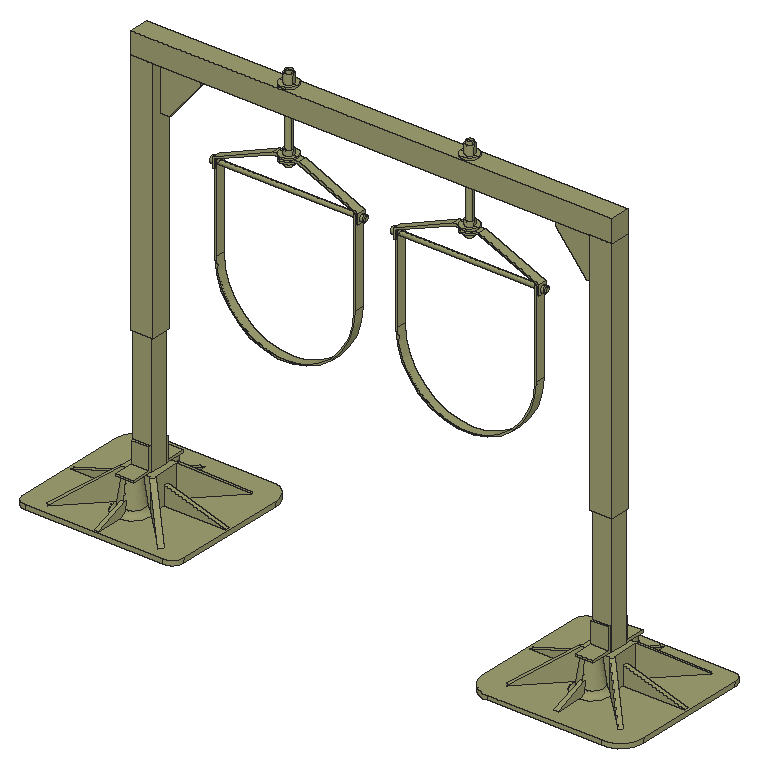
Revit family "Roof_PipeHangers_PSE2-2", category Generic Models, Revit 2013
Parameters
  offset [instance] = 0 mm
  Warranty Duration (Years) = 0
  Unit Width [instance] = 1000 mm
  Unit Height = 76.2 mm
  Unit Depth = 450 mm
  URL = ""
  Support Material = Support
  Revision = ""
  Model = ""
  Manufacturer = ""
  Maintenance Schedule (Months) = 0
  Keynote = ""
  Installation Phase = ""
  Hanger Width_Right [instance] = 300 mm
  Hanger Width_Left [instance] = 300 mm
  Expected Lifespan (Years) = 0
  Drawn By = ""
  Description = ""
  Default Elevation = 1200 mm
  Copyright = ""
  Base Type [instance] = Base_PS_Square : 12"
  Assembly Code = ""
  Adjustment Height [instance] = 800 mm
Reference planes
  plane 1 "Center (Front/Back)": y = 0
  plane 2 "Bottom": z = 0
  plane 3 "Center (Left/Right)": x = 0
  plane 4 "Front": y = -225
  plane 5 "Back": y = 225
  plane 6 "Left": x = -500
  plane 7 "Right": x = 500
  plane 8 "Top": z = 76.2
  plane 9: z = 31.707
  plane 10: z = 9.512
  plane 11: z = 876.2
Dimensions and locks
  equal spacing: plane 5 "Back", plane 1 "Center (Front/Back)", plane 4 "Front"
  "Unit Depth": plane 5 "Back" to plane 4 "Front"
  equal spacing: plane 6 "Left", plane 3 "Center (Left/Right)", plane 7 "Right"
  "Unit Width": plane 6 "Left" to plane 7 "Right"
  "Unit Height": plane 8 "Top" to level
  "Adjustment Height": plane 11 to plane 8 "Top"
  nested 4 to plane 3 "Center (Left/Right)" to nested 5 = 196.85 mm locked, 196.85 mm locked
  aligned and locked: plane 3 "Center (Left/Right)" to nested 3
  aligned and locked: plane 1 "Center (Front/Back)" to nested 3
  aligned and locked: plane 1 "Center (Front/Back)" to nested 4
  aligned and locked: nested 2 to plane 7 "Right"
  aligned and locked: plane 1 "Center (Front/Back)" to nested 2
  aligned and locked: nested 1 to plane 1 "Center (Front/Back)"
  aligned and locked: plane 6 "Left" to nested 1
Nested families
  nested 1: "Base_PS_Square" at (-500, 0, 0) x (0, 1, 0) z (0, 0, 1), type <- "Base Type", Material <- "Support Material", type "12""
    with Material Support
  nested 2: "Base_PS_Square" at (500, 0, 0) x (0, -1, 0) z (0, 0, 1), type <- "Base Type", Material <- "Support Material", type "12""
    with Material Support
  nested 3: "Support_PSE" at (0, 0, 76.2), Unit Width <- "Unit Width", Adjustment Height <- "Adjustment Height", Material <- "Support Material", type "Support_PSE"
    with offset 0 mm, Unit Width 1000 mm, Material Support, Holes_Horizontal 21, Adjustment Height 800 mm, AAH 800 mm
  nested 4: "Support_ClevisHanger" at (-196.85, 0, 876.2), Unit Width <- "Hanger Width_Left", Material <- "Support Material", type "Support_ClevisHanger"
    with offset 0 mm, ht 180 mm, Unit Width 300 mm, Material Support
  nested 5: "Support_ClevisHanger" at (196.85, 0, 876.2) x (-1, 0, 0) z (0, 0, 1), Unit Width <- "Hanger Width_Right", Material <- "Support Material", type "Support_ClevisHanger"
    with offset 0 mm, ht 180 mm, Unit Width 300 mm, Material Support
Definition of nested family "Base_PS_Square"
  Parameters (values of type "18"")
    offset [instance] = 0 mm
    Warranty Duration (Years) = 0
    Unit Width = 457.2 mm
    Unit Height = 76.2 mm
    Unit Depth = 457.2 mm
    URL = ""
    Revision = ""
    Model = ""
    Material [instance] = Support
    Manufacturer = ""
    Maintenance Schedule (Months) = 0
    Keynote = ""
    Installation Phase = ""
    Expected Lifespan (Years) = 0
    Drawn By = ""
    Description = ""
    Default Elevation = 1219.2 mm
    Copyright = ""
    Assembly Code = ""
  Types (2, lengths in mm): name | Unit Width | Unit Depth | Default Elevation
    18" | 457.2 | 457.2 | 1219.2
    12" | 300 | 350 | 0
  Reference planes
    plane 1 "Center (Front/Back)": y = 0
    plane 2 "Bottom": z = 0
    plane 3 "Center (Left/Right)": x = 0
    plane 4 "Front": y = -228.6
    plane 5 "Back": y = 228.6
    plane 6 "Left": x = -228.6
    plane 7 "Right": x = 228.6
    plane 8 "Top": z = 76.2
    plane 9: z = 31.707
    plane 10: z = 9.512
    plane 11 "Diag_TopRight": through (25.5, 25.5, 1219.2) normal (-0.7071, 0.7071, 0)
    plane 12 "Diag_TopLeft": through (-25.5, 25.5, 1219.2) normal (-0.7071, -0.7071, 0)
    plane 13: x = -47.494
    plane 14: x = 47.494
  Forms (mm)
    Extrusion 1, solid, material "Support" <- "Material"
      sketch origin (0, 0, 0) x (1, 0, 0) y (0, 1, 0)
        loop
          arc (-203.2, 228.6) -> (-221.161, 221.161) -> (-228.6, 203.2) r 25.4
          line (-228.6, 203.2) -> (-228.6, -203.2)
          arc (-228.6, -203.2) -> (-221.161, -221.161) -> (-203.2, -228.6) r 25.4
          line (-203.2, -228.6) -> (203.2, -228.6)
          arc (203.2, -228.6) -> (221.161, -221.161) -> (228.6, -203.2) r 25.4
          line (228.6, -203.2) -> (228.6, 203.2)
          arc (228.6, 203.2) -> (221.161, 221.161) -> (203.2, 228.6) r 25.4
          line (203.2, 228.6) -> (-203.2, 228.6)
      from 0 to 9.512
    Extrusion 2, solid, material "Support" <- "Material"
      sketch origin (141.287, -4572, 9.512) x (0, -1, 0) y (-1, 0, 0)
        loop
          line (-4537.344, 176.158) -> (-4606.656, 176.158) -> (-4606.656, 106.416) -> (-4537.344, 106.416) -> (-4537.344, 176.158)
      from 0 to -66.688
    Extrusion 3, solid, material "Support" <- "Material"
      sketch origin (0, 0, 0) x (0, 1, 0) y (0, 0, 1)
        loop
          line (222.25, 9.512) -> (34.656, 50.586) -> (34.656, 9.512) -> (222.25, 9.512)
      from -4.763 to 4.763
    Extrusion 4, solid, material "Support" <- "Material"
      sketch origin (0, 0, 0) x (0, 1, 0) y (0, 0, 1)
        loop
          line (-222.25, 9.512) -> (-34.656, 9.512) -> (-34.656, 50.586) -> (-222.25, 9.512)
      from -4.763 to 4.763
    Extrusion 5, solid, material "Support" <- "Material"
      sketch origin (0, 0, 0) x (0.707107, -0.707107, 0) y (0, 0, 1)
        loop
          line (-36.463, 9.512) -> (-36.463, 76.2) -> (-49.163, 76.2) -> (-174.585, 9.512) -> (-36.463, 9.512)
      from -4.763 to 4.763
    Extrusion 6, solid, material "Support" <- "Material"
      sketch origin (25.5, 25.5, 1219.2) x (-0.707107, -0.707107, 0) y (0, 0, -1)
        loop
          line (72.525, 1209.688) -> (72.525, 1143) -> (85.225, 1143) -> (210.647, 1209.688) -> (72.525, 1209.688)
      from -4.763 to 4.763
    Extrusion 7, solid, material "Support" <- "Material"
      sketch origin (25.5, 25.5, 1219.2) x (-0.707107, -0.707107, 0) y (0, 0, -1)
        loop
          line (-0.401, 1209.688) -> (-138.523, 1209.688) -> (-13.101, 1143) -> (-0.401, 1143) -> (-0.401, 1209.688)
      from -4.763 to 4.763
    Extrusion 8, solid, material "Support" <- "Material"
      sketch origin (-16.519, 16.519, 1219.2) x (0.707107, -0.707107, 0) y (0, 0, 1)
        loop
          line (59.825, -1209.688) -> (197.947, -1209.688) -> (72.525, -1143) -> (59.825, -1143) -> (59.825, -1209.688)
      from -4.763 to 4.763
    Extrusion 9, solid, material "Support" <- "Material"
      sketch origin (0, 0, 0) x (-1, 0, 0) y (0, 0, 1)
        loop
          line (222.25, 9.512) -> (34.656, 50.586) -> (34.656, 9.512) -> (222.25, 9.512)
      from -4.763 to 4.763
    Extrusion 10, solid, material "Support" <- "Material"
      sketch origin (0, 0, 0) x (-1, 0, 0) y (0, 0, 1)
        loop
          line (-222.25, 9.512) -> (-34.656, 9.512) -> (-34.656, 50.586) -> (-222.25, 9.512)
      from -4.763 to 4.763
    Revolve 11, solid, material "Support" <- "Material"
      sketch origin (27.133, -0.284, -2.024) x (1, 0, 0) y (0, 0, 1)
        loop
          line (-92.574, 78.224) -> (-100.847, 23.161)
          arc (-100.847, 23.161) -> (-105.441, 14.843) -> (-114.349, 11.536) r 13.653
          line (-114.349, 11.536) -> (-74.627, 11.536) -> (-74.627, 78.224) -> (-92.574, 78.224)
        axis (-74.627, 11.536) -> (-74.627, 78.224)
      angle from 0 to 360
    Revolve 12, solid, material "Support" <- "Material"
      sketch origin (-27.133, -0.284, -2.024) x (-1, 0, 0) y (0, 0, -1)
        loop
          line (-92.574, -78.224) -> (-74.627, -78.224) -> (-74.627, -11.536) -> (-114.349, -11.536)
          arc (-114.349, -11.536) -> (-105.441, -14.843) -> (-100.847, -23.161) r 13.653
          line (-100.847, -23.161) -> (-92.574, -78.224)
        axis (-74.627, -11.536) -> (-74.627, -78.224)
      angle from 0 to 360
  Cuts and joins
    joined: Extrusion 1, Extrusion 2, Extrusion 3, Extrusion 4, Extrusion 5, Extrusion 6, Extrusion 7, Extrusion 8
    joined: Extrusion 9, Revolve 11
    joined: Extrusion 10, Revolve 12
  Dimensions and locks
    equal spacing: plane 5 "Back", plane 1 "Center (Front/Back)", plane 4 "Front"
    "Unit Depth": plane 5 "Back" to plane 4 "Front"
    equal spacing: plane 6 "Left", plane 3 "Center (Left/Right)", plane 7 "Right"
    "Unit Width": plane 6 "Left" to plane 7 "Right"
    "Unit Height": plane 8 "Top" to level
    aligned and locked: Extrusion 1 to plane 10
    aligned and locked: plane 8 "Top" to Extrusion 2
  Automatic sketch dimensions
    Extrusion 1 sketch curve to plane 6 "Left" = 0 mm
    Extrusion 1 sketch curve to plane 4 "Front" = 0 mm
    Extrusion 1 sketch curve to plane 5 "Back" = 0 mm
    Extrusion 1 sketch curve to plane 11 "Diag_TopRight" = 0 mm
    plane 6 "Left" to Extrusion 1 sketch curve = 25.4 mm  (x2)
    Extrusion 1 sketch curve to plane 7 "Right" = 25.4 mm  (x2)
    Extrusion 2 sketch curve to plane 1 "Center (Front/Back)" = 34.656 mm
    plane 1 "Center (Front/Back)" to Extrusion 2 sketch curve = 34.656 mm
    Extrusion 2 sketch curve to plane 3 "Center (Left/Right)" = 34.871 mm
    plane 3 "Center (Left/Right)" to Extrusion 2 sketch curve = 34.871 mm
    Extrusion 3 sketch curve to plane 10 = 0 mm
    Extrusion 3 sketch curve to plane 1 "Center (Front/Back)" = 34.656 mm
    Extrusion 3 sketch curve to plane 5 "Back" = 6.35 mm
    Extrusion 3 sketch curve to plane 9 = 18.879 mm
    Extrusion 4 sketch curve to plane 10 = 0 mm
    plane 4 "Front" to Extrusion 4 sketch curve = 6.35 mm
    plane 1 "Center (Front/Back)" to Extrusion 4 sketch curve = 34.656 mm
    Extrusion 4 sketch curve to plane 9 = 18.879 mm
    Extrusion 5 sketch curve to plane 10 = 0 mm
    Extrusion 5 sketch curve to plane 8 "Top" = 0 mm
    Extrusion 5 sketch curve to plane 11 "Diag_TopRight" = 174.585 mm
    Extrusion 5 sketch curve to plane 11 "Diag_TopRight" = 49.163 mm
    Extrusion 5 sketch curve to plane 11 "Diag_TopRight" = 36.463 mm
    Extrusion 6 sketch curve to plane 10 = 0 mm
    Extrusion 6 sketch curve to plane 8 "Top" = 0 mm
    Extrusion 6 sketch curve to plane 12 "Diag_TopLeft" = 36.463 mm
    Extrusion 6 sketch curve to Extrusion 6 sketch curve = 12.7 mm
    Extrusion 6 sketch curve to Extrusion 6 sketch curve = 138.122 mm
    Extrusion 7 sketch curve to plane 10 = 0 mm
    Extrusion 7 sketch curve to plane 8 "Top" = 0 mm
    plane 12 "Diag_TopLeft" to Extrusion 7 sketch curve = 174.585 mm
    plane 12 "Diag_TopLeft" to Extrusion 7 sketch curve = 49.163 mm
    plane 12 "Diag_TopLeft" to Extrusion 7 sketch curve = 36.463 mm
    Extrusion 8 sketch curve to plane 10 = 0 mm
    Extrusion 8 sketch curve to plane 8 "Top" = 0 mm
    plane 11 "Diag_TopRight" to Extrusion 8 sketch curve = 36.463 mm
    Extrusion 8 sketch curve to Extrusion 8 sketch curve = 12.7 mm
    Extrusion 8 sketch curve to Extrusion 8 sketch curve = 138.122 mm
    Extrusion 9 sketch curve to plane 10 = 0 mm
    Extrusion 9 sketch curve to plane 3 "Center (Left/Right)" = 34.656 mm
    plane 6 "Left" to Extrusion 9 sketch curve = 6.35 mm
    Extrusion 9 sketch curve to plane 9 = 18.879 mm
    Extrusion 10 sketch curve to plane 10 = 0 mm
    Extrusion 10 sketch curve to plane 7 "Right" = 6.35 mm
    plane 3 "Center (Left/Right)" to Extrusion 10 sketch curve = 34.656 mm
    Extrusion 10 sketch curve to plane 9 = 18.879 mm
    Revolve 12 sketch curve to plane 10 = 0 mm  (x2)
    Revolve 12 sketch curve to plane 8 "Top" = 0 mm
    Revolve 12 sketch curve to plane 14 = 0 mm  (x2)
    plane 14 to Revolve 12 sketch curve = 17.947 mm
    plane 9 to Revolve 12 sketch curve = 10.571 mm
    plane 14 to Revolve 12 sketch curve = 26.22 mm
    plane 9 to Revolve 12 sketch curve = 8.542 mm
    Revolve 12 sketch curve to Revolve 12 sketch curve = 0 mm
    Revolve 12 sketch curve to plane 8 "Top" = 3.938 mm
    Revolve 12 sketch curve to level = 7.791 mm
    Revolve 11 sketch curve to plane 10 = 0 mm  (x2)
    Revolve 11 sketch curve to plane 8 "Top" = 0 mm
    Revolve 11 sketch curve to plane 13 = 0 mm  (x2)
    Revolve 11 sketch curve to plane 13 = 17.947 mm
    plane 9 to Revolve 11 sketch curve = 10.571 mm
    Revolve 11 sketch curve to plane 13 = 26.22 mm
    plane 9 to Revolve 11 sketch curve = 8.542 mm
    Revolve 11 sketch curve to Revolve 11 sketch curve = 0 mm
    Revolve 11 sketch curve to level = 7.791 mm
    Revolve 11 sketch curve to plane 8 "Top" = 3.938 mm
Definition of nested family "Support_PSE"
  Parameters (values of type "Support_PSE")
    offset [instance] = 0 mm
    Unit Width [instance] = 1000 mm
    Unit Height = 125 mm
    Unit Depth = 400 mm
    URL = ""
    Revision = ""
    Model = ""
    Max Pipe Size = 0 mm
    Material [instance] = Support
    Manufacturer = ""
    Keynote = ""
    Holes_Horizontal [instance] = Unit Width / 47.625 mm  # 21
    Drawn By = ""
    Description = ""
    Default Elevation = 1200 mm
    Copyright = ""
    Assembly Code = ""
    Adjustment Height [instance] = 800 mm
    AAH [instance] = if(Adjustment Height > 590.55 mm, Adjustment Height, 590.55 mm)  # 800 mm
  Reference planes
    plane 1 "Center (Front/Back)": y = 0
    plane 2 "Bottom": z = 0
    plane 3 "Center (Left/Right)": x = 0
    plane 4 "Top": z = 823.813
    plane 5 "Adj Base": z = 800
    plane 6: x = -500
    plane 7: x = 500
    plane 8: z = 263.222
    plane 9: x = -386.581
    plane 10: x = 386.581
    plane 11: z = 51.015
    plane 12 "Front": y = -22.225
    plane 13 "Back": y = 22.225
    plane 14 "lt": x = -523.766
    plane 15 "Rt": x = 523.766
  Forms (mm)
    Extrusion 1, solid, material "Support" <- "Material"
      sketch origin (0, 0, 0) x (1, 0, 0) y (0, 1, 0)
        loop
          line (-520.591, 19.05) -> (-520.591, -19.05) -> (-479.316, -19.05) -> (-479.316, 19.05) -> (-520.591, 19.05)
      from 0 to 263.222
    Extrusion 2, solid, material "Support" <- "Material"
      sketch origin (0, 0, 0) x (-1, 0, 0) y (0, -1, 0)
        loop
          line (-520.591, -19.05) -> (-479.316, -19.05) -> (-479.316, 19.05) -> (-520.591, 19.05) -> (-520.591, -19.05)
      from 0 to 263.222
    Extrusion 3, solid, material "Support" <- "Material"
      sketch origin (-212.826, -4572, 263.222) x (-1, 0, 0) y (0, -1, 0)
        loop
          line (310.94, -4594.225) -> (310.94, -4549.775) -> (263.315, -4549.775) -> (263.315, -4594.225) -> (310.94, -4594.225)
      from 0 to 536.778
    Extrusion 4, solid, material "Support" <- "Material"
      sketch origin (212.826, -4572, 263.222) x (1, 0, 0) y (0, 1, 0)
        loop
          line (310.94, 4594.225) -> (263.315, 4594.225) -> (263.315, 4549.775) -> (310.94, 4549.775) -> (310.94, 4594.225)
      from 0 to 536.778
    Extrusion 5, solid, material "Support" <- "Material"
      sketch origin (-93.116, -4572, 800) x (-1, 0, 0) y (0, -1, 0)
        loop
          line (430.65, -4594.225) -> (430.65, -4549.775) -> (-616.882, -4549.775) -> (-616.882, -4594.225) -> (430.65, -4594.225)
      from 0 to 47.625
    Extrusion 6, solid, material "Support" <- "Material", detail levels medium+fine
      sketch origin (0, 0, 0) x (1, 0, 0) y (0, 0, 1)
        loop
          line (-386.581, 799.946) -> (-476.141, 799.946) -> (-476.141, 695.333) -> (-453.31, 695.333) -> (-386.581, 777.99) -> (-386.581, 799.946)
      from 3.175 to -3.175
    Extrusion 7, solid, material "Support" <- "Material", detail levels medium+fine
      sketch origin (0, 0, 0) x (-1, 0, 0) y (0, 0, -1)
        loop
          line (-386.581, -799.946) -> (-386.581, -777.99) -> (-453.31, -695.333) -> (-476.141, -695.333) -> (-476.141, -799.946) -> (-386.581, -799.946)
      from 3.175 to -3.175
    Extrusion 8, solid, material "Support" <- "Material", detail levels medium+fine
      sketch origin (-500, 415.169, 1219.2) x (0, 1, 0) y (0, 0, 1)
        loop
          line (-435.853, -1168.185) -> (-440.588, -1168.185) -> (-440.588, -1214.521) -> (-482.348, -1214.521) -> (-482.348, -1219.2) -> (-435.853, -1219.2) -> (-435.853, -1168.185)
        loop
          line (-394.484, -1168.185) -> (-394.484, -1219.2) -> (-347.989, -1219.2) -> (-347.989, -1214.521) -> (-389.749, -1214.521) -> (-389.749, -1168.185) -> (-394.484, -1168.185)
      from -19.05 to 19.05
    Extrusion 9, solid, material "Support" <- "Material", detail levels medium+fine
      sketch origin (500, 415.169, 1219.2) x (0, 1, 0) y (0, 0, 1)
        loop
          line (-394.484, -1168.185) -> (-394.484, -1219.2) -> (-347.989, -1219.2) -> (-347.989, -1214.521) -> (-389.749, -1214.521) -> (-389.749, -1168.185) -> (-394.484, -1168.185)
        loop
          line (-435.853, -1168.185) -> (-440.588, -1168.185) -> (-440.588, -1214.521) -> (-482.348, -1214.521) -> (-482.348, -1219.2) -> (-435.853, -1219.2) -> (-435.853, -1168.185)
      from -19.05 to 19.05
  Dimensions and locks
    "AAH": plane 5 "Adj Base" to level
    locked: plane 4 "Top" to plane 5 "Adj Base" at 23.812
    equal spacing: plane 6, plane 3 "Center (Left/Right)", plane 7
    "Unit Width": plane 6 to plane 7
    locked: plane 5 "Adj Base" to plane 8 at 536.778
    locked: plane 10 to plane 7 at 113.419
    locked: plane 6 to plane 9 at 113.419
    locked: plane 11 to level at 51.015
    locked: plane 7 to plane 15 "Rt" at 23.766
    locked: plane 14 "lt" to plane 6 at 23.766
    aligned and locked: plane 8 to Extrusion 1
    aligned and locked: Extrusion 2 to plane 8
    aligned and locked: plane 5 "Adj Base" to Extrusion 3
    aligned and locked: Extrusion 4 to plane 5 "Adj Base"
    aligned and locked: plane 14 "lt" to nested 1
    aligned and locked: nested 1 to plane 15 "Rt"
    aligned and locked: plane 4 "Top" to nested 1
    aligned and locked: nested 2 to plane 5 "Adj Base"
    aligned and locked: nested 2 to plane 8
    aligned and locked: plane 6 to nested 2
    aligned and locked: plane 5 "Adj Base" to nested 3
    aligned and locked: plane 8 to nested 3
    aligned and locked: plane 7 to nested 3
    aligned and locked: nested 4 to plane 15 "Rt"
    aligned and locked: plane 14 "lt" to nested 4
    aligned and locked: plane 8 to nested 5
    aligned and locked: plane 5 "Adj Base" to nested 5
    aligned and locked: nested 6 to plane 5 "Adj Base"
    aligned and locked: nested 6 to plane 8
    aligned and locked: plane 7 to nested 6
    aligned and locked: plane 6 to nested 5
    aligned and locked: plane 5 "Adj Base" to nested 7
    aligned and locked: plane 5 "Adj Base" to nested 10
    aligned and locked: plane 5 "Adj Base" to nested 9
    aligned and locked: plane 5 "Adj Base" to nested 8
    aligned and locked: plane 8 to nested 7
    aligned and locked: plane 8 to nested 10
    aligned and locked: plane 8 to nested 9
    aligned and locked: plane 8 to nested 8
    aligned and locked: nested 7 to plane 1 "Center (Front/Back)"
    aligned and locked: nested 10 to plane 1 "Center (Front/Back)"
    aligned and locked: nested 9 to plane 1 "Center (Front/Back)"
    aligned and locked: nested 8 to plane 1 "Center (Front/Back)"
  Automatic sketch dimensions
    Extrusion 5 sketch curve to plane 13 "Back" = 0 mm
    Extrusion 5 sketch curve to plane 15 "Rt" = 0 mm
    Extrusion 5 sketch curve to plane 12 "Front" = 0 mm
    Extrusion 5 sketch curve to plane 14 "lt" = 0 mm
    plane 14 "lt" to Extrusion 1 sketch curve = 3.175 mm
    plane 12 "Front" to Extrusion 1 sketch curve = 3.175 mm
    plane 6 to Extrusion 1 sketch curve = 20.684 mm
    plane 13 "Back" to Extrusion 1 sketch curve = 3.175 mm
    plane 15 "Rt" to Extrusion 2 sketch curve = 3.175 mm
    plane 12 "Front" to Extrusion 2 sketch curve = 3.175 mm
    Extrusion 2 sketch curve to plane 7 = 20.684 mm
    plane 13 "Back" to Extrusion 2 sketch curve = 3.175 mm
    Extrusion 3 sketch curve to plane 13 "Back" = 0 mm
    Extrusion 3 sketch curve to plane 12 "Front" = 0 mm
    Extrusion 3 sketch curve to plane 14 "lt" = 0 mm
    plane 6 to Extrusion 3 sketch curve = 23.859 mm
    Extrusion 4 sketch curve to plane 13 "Back" = 0 mm
    Extrusion 4 sketch curve to plane 12 "Front" = 0 mm
    Extrusion 4 sketch curve to plane 15 "Rt" = 0 mm
    Extrusion 4 sketch curve to plane 7 = 23.859 mm
    Extrusion 6 sketch curve to plane 9 = 0 mm
    plane 6 to Extrusion 6 sketch curve = 46.69 mm
    Extrusion 6 sketch curve to plane 5 "Adj Base" = 0.054 mm
    plane 6 to Extrusion 6 sketch curve = 23.859 mm
    Extrusion 6 sketch curve to Extrusion 6 sketch curve = 21.956 mm
    Extrusion 6 sketch curve to plane 5 "Adj Base" = 104.667 mm
    Extrusion 7 sketch curve to plane 10 = 0 mm
    plane 7 to Extrusion 7 sketch curve = 46.69 mm
    plane 5 "Adj Base" to Extrusion 7 sketch curve = 0.054 mm
    plane 7 to Extrusion 7 sketch curve = 23.859 mm
    Extrusion 7 sketch curve to Extrusion 7 sketch curve = 21.956 mm
    Extrusion 7 sketch curve to Extrusion 7 sketch curve = 104.614 mm
    Extrusion 8 sketch curve to level = 0 mm  (x2)
    Extrusion 8 sketch curve to plane 11 = 0 mm  (x2)
    Extrusion 8 sketch curve to plane 12 "Front" = 44.954 mm
    Extrusion 8 sketch curve to plane 12 "Front" = 3.195 mm
    plane 12 "Front" to Extrusion 8 sketch curve = 1.541 mm
    plane 13 "Back" to Extrusion 8 sketch curve = 1.541 mm
    Extrusion 8 sketch curve to plane 13 "Back" = 3.195 mm
    Extrusion 8 sketch curve to Extrusion 8 sketch curve = 41.759 mm
    level to Extrusion 8 sketch curve = 4.679 mm  (x2)
    Extrusion 9 sketch curve to level = 0 mm  (x2)
    Extrusion 9 sketch curve to plane 11 = 0 mm  (x2)
    Extrusion 9 sketch curve to plane 12 "Front" = 44.954 mm
    Extrusion 9 sketch curve to plane 12 "Front" = 3.195 mm
    plane 12 "Front" to Extrusion 9 sketch curve = 1.541 mm
    plane 13 "Back" to Extrusion 9 sketch curve = 1.541 mm
    Extrusion 9 sketch curve to plane 13 "Back" = 3.195 mm
    Extrusion 9 sketch curve to Extrusion 9 sketch curve = 41.759 mm
    Extrusion 9 sketch curve to Extrusion 9 sketch curve = 4.679 mm  (x2)
  Nested families
    nested 1: "Circles" at (-523.766, -22.225, 823.812) x (1, 0, 0) z (0, 1, 0), type "Circles"
      with Number 22, Length 1047.532 mm
    nested 2: "Circles" at (-500, -22.225, 800) x (0, 0, -1) z (0, 1, 0), type "Circles"
      with Number 11, Length 536.778 mm
    nested 3: "Circles" at (500, -22.225, 800) x (0, 0, -1) z (0, 1, 0), type "Circles"
      with Number 11, Length 536.778 mm
    nested 4: "Circles" at (-523.766, 22.225, 811.213) x (1, 0, 0) z (0, 1, 0), type "Circles"
      with Number 22, Length 1047.532 mm
    nested 5: "Circles" at (-500, 22.225, 800) x (0, 0, -1) z (0, 1, 0), type "Circles"
      with Number 11, Length 536.778 mm
    nested 6: "Circles" at (500, 22.225, 800) x (0, 0, -1) z (0, 1, 0), type "Circles"
      with Number 11, Length 536.778 mm
    nested 7: "Circles" at (-523.766, 0, 263.222) x (0, 0, 1) z (1, 0, 0), type "Circles"
      with Number 11, Length 536.778 mm
    nested 8: "Circles" at (523.766, 0, 263.222) x (0, 0, 1) z (1, 0, 0), type "Circles"
      with Number 11, Length 536.778 mm
    nested 9: "Circles" at (476.141, 0, 263.222) x (0, 0, 1) z (1, 0, 0), type "Circles"
      with Number 11, Length 536.778 mm
    nested 10: "Circles" at (-476.141, 0, 263.222) x (0, 0, 1) z (1, 0, 0), type "Circles"
      with Number 11, Length 536.778 mm
  Definition of nested family "Circles"
    Parameters
      Number [instance] = Length / 47.625 mm  # 13
      Length [instance] = 609.6 mm
      Default Elevation = 1219.2 mm
    Reference planes
      plane 1 "Center (Front/Back)": y = 0
      plane 2: z = 0
      plane 3 "Left": x = 0
      plane 4: x = 609.6
      plane 5 "Center (Left/Right)": x = 304.8
    Lines and regions (mm)
      model lines, style "Pipe Supports", detail levels fine
        curve 1: circle (19.05, 0, 0) r 6.35 normal (0, 0, -1)
        curve 2: circle (590.55, 0, 0) r 6.35 normal (0, 0, -1)
        curve 3: circle (66.675, 0, 0) r 6.35 normal (0, 0, -1)
        curve 4: circle (114.3, 0, 0) r 6.35 normal (0, 0, -1)
        curve 5: circle (161.925, 0, 0) r 6.35 normal (0, 0, -1)
        curve 6: circle (209.55, 0, 0) r 6.35 normal (0, 0, -1)
        curve 7: circle (257.175, 0, 0) r 6.35 normal (0, 0, -1)
        curve 8: circle (304.8, 0, 0) r 6.35 normal (0, 0, -1)
        curve 9: circle (352.425, 0, 0) r 6.35 normal (0, 0, -1)
        curve 10: circle (400.05, 0, 0) r 6.35 normal (0, 0, -1)
        curve 11: circle (447.675, 0, 0) r 6.35 normal (0, 0, -1)
        curve 12: circle (495.3, 0, 0) r 6.35 normal (0, 0, -1)
        curve 13: circle (542.925, 0, 0) r 6.35 normal (0, 0, -1)
    Dimensions and locks
      "Length": plane 3 "Left" to plane 4
      equal spacing: group 1, group 3, group 4, group 5, group 6, group 7, group 8, group 9, group 10, group 11, group 12, group 13, group 2  (x3)
      locked: plane 3 "Left" to curve 1 at 12.7
      locked: curve 2 to plane 4 at 12.7
      equal spacing: plane 3 "Left", plane 5 "Center (Left/Right)", plane 4
Definition of nested family "Support_ClevisHanger"
  Parameters (values of type "Support_ClevisHanger")
    offset [instance] = 1200 mm
    ht [instance] = Unit Width * 0.6  # 120 mm
    Warranty Duration (Years) = 0
    Unit Width [instance] = 200 mm
    Unit Height = 127 mm
    Unit Depth = 250 mm
    URL = ""
    Revision = ""
    Model = ""
    Material [instance] = Support
    Manufacturer = ""
    Maintenance Schedule (Months) = 0
    Keynote = ""
    Installation Phase = ""
    Expected Lifespan (Years) = 0
    Drawn By = ""
    Description = ""
    Default Elevation = 0 mm
    Copyright = ""
    Assembly Code = ""
  Reference planes
    plane 1 "Center (Front/Back)": y = 0
    plane 2 "Bottom": z = 0
    plane 3 "Center (Left/Right)": x = 0
    plane 4: z = -156.275
    plane 5: x = -100
    plane 6: x = 100
    plane 7: z = -276.275
  Forms (mm)
    Extrusion 1, solid, material "Support" <- "Material"
      sketch origin (0, 0, 0) x (1, 0, 0) y (0, 0, 1)
        loop
          line (-108.605, -145.542) -> (-108.605, -166.607) -> (-103.87, -166.607) -> (-103.87, -147.907) -> (-26.673, -94.712) -> (26.673, -94.712) -> (103.87, -147.907) -> (103.87, -166.607) -> (108.605, -166.607) -> (108.605, -145.542) -> (28.396, -89.976) -> (-28.396, -89.976) -> (-108.605, -145.542)
      from 9.525 to -9.525
    Extrusion 2, solid, material "Support" <- "Material"
      sketch origin (0, 0, 0) x (1, 0, 0) y (0, 0, 1)
        loop
          line (-100, -149.117) -> (-103.014, -149.117) -> (-103.014, -276.275)
          arc (-103.014, -276.275) -> (0, -379.288) -> (103.014, -276.275) r 103.014
          line (103.014, -276.275) -> (103.014, -149.117) -> (100, -149.117) -> (100, -276.275)
          arc (100, -276.275) -> (0, -376.275) -> (-100, -276.275) r 100
          line (-100, -276.275) -> (-100, -149.117)
      from 9.525 to -9.525
    Revolve 3, solid, material "Support" <- "Material"
      sketch origin (0, 0, -138.624) x (1, 0, 0) y (0, 0, 1)
        loop
          line (6.35, 48.647) -> (19.265, 48.647) -> (19.265, 51.876) -> (9.579, 51.876) -> (9.579, 61.778) -> (6.35, 61.778) -> (6.35, 187.271) -> (19.265, 187.271) -> (19.265, 190.5) -> (9.579, 190.5) -> (9.579, 209.873) -> (6.35, 209.873) -> (6.35, 215.469) -> (0, 215.469) -> (0, 30.781) -> (9.579, 30.781) -> (9.579, 40.683) -> (19.265, 40.683) -> (19.265, 43.912) -> (6.35, 43.912) -> (6.35, 48.647)
        axis (0, 30.781) -> (0, 215.469)
      angle from 0 to 360
    Revolve 4, solid, material "Support" <- "Material"
      sketch origin (0, 0, -138.624) x (1, 0, 0) y (0, 0, 1)
        loop
          line (108.82, -22.413) -> (108.82, -24.795) -> (116.139, -24.795) -> (116.139, -22.413) -> (117.861, -22.413) -> (117.861, -17.651) -> (-117.861, -17.651) -> (-117.861, -22.413) -> (-116.139, -22.413) -> (-116.139, -24.795) -> (-108.82, -24.795) -> (-108.82, -22.413) -> (108.82, -22.413)
        axis (-117.861, -17.651) -> (117.861, -17.651)
      angle from 0 to 360
  Dimensions and locks
    equal spacing: plane 5, plane 3 "Center (Left/Right)", plane 6
    "Unit Width": plane 5 to plane 6
    "ht": plane 4 to plane 7
    aligned and locked: plane 7 to Extrusion 2 sketch curve  (x2)
  Automatic sketch dimensions
    plane 5 to Extrusion 1 sketch curve = 3.87 mm
    plane 6 to Extrusion 1 sketch curve = 3.87 mm
    plane 5 to Extrusion 1 sketch curve = 8.605 mm
    Extrusion 1 sketch curve to plane 3 "Center (Left/Right)" = 28.396 mm
    Extrusion 1 sketch curve to Extrusion 1 sketch curve = 1.722 mm  (x2)
    plane 3 "Center (Left/Right)" to Extrusion 1 sketch curve = 26.673 mm
    plane 6 to Extrusion 1 sketch curve = 8.605 mm
    Extrusion 1 sketch curve to plane 4 = 10.332 mm  (x2)
    plane 4 to Extrusion 1 sketch curve = 8.368 mm  (x2)
    Extrusion 1 sketch curve to Extrusion 1 sketch curve = 2.364 mm  (x2)
    plane 4 to Extrusion 1 sketch curve = 61.563 mm
    Extrusion 1 sketch curve to Extrusion 1 sketch curve = 4.736 mm
    Extrusion 2 sketch curve to Extrusion 2 sketch curve = 0 mm
    Extrusion 2 sketch curve to plane 3 "Center (Left/Right)" = 0 mm
    Extrusion 2 sketch curve to plane 5 = 0 mm
    plane 5 to Extrusion 2 sketch curve = 3.014 mm
    plane 4 to Extrusion 2 sketch curve = 7.157 mm  (x2)
    Revolve 3 sketch curve to plane 3 "Center (Left/Right)" = 0 mm  (x2)
    plane 3 "Center (Left/Right)" to Revolve 3 sketch curve = 6.35 mm  (x3)
    Revolve 3 sketch curve to Revolve 3 sketch curve = 3.229 mm  (x6)
    Revolve 3 sketch curve to Revolve 3 sketch curve = 9.686 mm  (x2)
    Revolve 3 sketch curve to Revolve 3 sketch curve = 0 mm
    plane 4 to Revolve 3 sketch curve = 48.432 mm
    Revolve 3 sketch curve to Revolve 3 sketch curve = 9.902 mm  (x2)
    Revolve 3 sketch curve to Revolve 3 sketch curve = 0.894 mm
    Revolve 3 sketch curve to Revolve 3 sketch curve = 4.736 mm
    Revolve 3 sketch curve to Revolve 3 sketch curve = 30.599 mm
    level to Revolve 3 sketch curve = 48.647 mm
    Revolve 3 sketch curve to Revolve 3 sketch curve = 19.373 mm
    Revolve 3 sketch curve to Revolve 3 sketch curve = 5.597 mm
    Revolve 4 sketch curve to plane 4 = 0 mm  (x2)
    Revolve 4 sketch curve to plane 4 = 4.762 mm
    plane 5 to Revolve 4 sketch curve = 17.861 mm
    Revolve 4 sketch curve to Revolve 4 sketch curve = 1.722 mm  (x2)
    plane 5 to Revolve 4 sketch curve = 8.82 mm
    Revolve 4 sketch curve to plane 5 = 13.103 mm
    Revolve 4 sketch curve to plane 3 "Center (Left/Right)" = 27.687 mm
    plane 6 to Revolve 4 sketch curve = 8.82 mm
    Revolve 4 sketch curve to Revolve 4 sketch curve = 7.319 mm
    Revolve 4 sketch curve to plane 4 = 7.144 mm  (x2)
    Revolve 4 sketch curve to Revolve 4 sketch curve = 2.381 mm  (x2)
